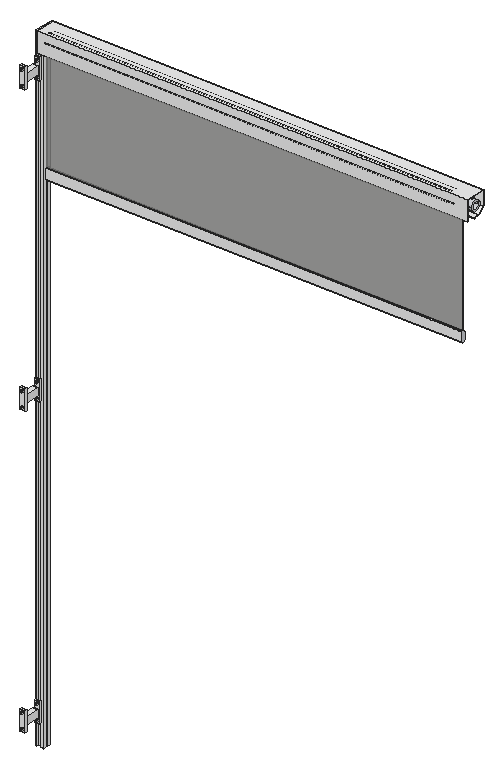
Revit family "heroal VS Z - Front Mount - Multi-Part - End Component", category Fenster, Revit 2017
Family settings
  OmniClass-Nummer = 23.30.60.11.11.17.14
  OmniClass-Titel = Powered Awnings
  Arbeitsebenenbasiert = Ja
  Immer vertikal = Nein
  Beim Laden mit Abzugskörper schneiden = Nein
  Gemeinsam genutzt = Nein
  Raumberechnungspunkt = Nein
Parameters (values of type "End Component")
  Wind Load Resistance DIN EN 13561 = "6"  # constant formula
  Width [instance] = 2007.5 mm
  URL = "http://www.heroal.com"
  Traverse Offset Top = 150 mm  # constant formula
  Traverse Offset Bottom = 150 mm  # constant formula
  Traverse Length [instance] = 100 mm
  Traverse Count per Side [instance] = if(and(Height > 4001 mm, Height < 5000 mm), 4, if(and(Height > 2000 mm, Height < 4001 mm), 3, 2))  # 3
  Traverse [instance] = heroal Aluminium
  Track [instance] = heroal Aluminium
  Textile Length [instance] = 500 mm
  Textile [instance] = heroal 3961_Linnen
  Summer heat protection [Gtot] = "0,06-0,25"  # constant formula
  Modell = "heroal VS-Z Shading Systems, Front Mount"  # constant formula
  Max Width = "max. 5 metres"  # constant formula
  Max Height = "max. 3 metres"  # constant formula
  Material = "fibreglass/PVC/polyester"  # constant formula
  Hersteller = "heroal"  # constant formula
  Light transmission level DIN EN 40010 = "3-20"  # constant formula
  Height [instance] = 3000 mm
  Enclosure [instance] = heroal Aluminium
  Edition number = 1
  Beschreibung = "heroal VS-Z Shading Systems"  # constant formula
  Default Elevation = 1219.2 mm
  Cover Type 3 = Cover : FME HC
  Cover Type 2 = Cover : FME 90°
  Cover Type 1 = Cover : FME 45°
  Cover Type [instance] = Cover : FME 45°
  Cover FME HC [instance] = Cover Type = Cover Type 3  # no
  Cover FME 90° [instance] = Cover Type = Cover Type 2  # no
  Cover FME 45° [instance] = Cover Type = Cover Type 1  # yes
  Copyright = "© heroal. Technical changes reserved."  # constant formula
  Class according to DIN EN 14501 = "2-4"  # constant formula
  Ballproof DIN EN 18032-3 = "Requirement fulfilled"  # constant formula
  Baugruppenkennzeichen = "B2020110"
  Analytische Konstruktion = "<None>"
Reference planes
  plane 1 "Back": y = 0
  plane 2: z = 0
  plane 3 "Center (Left/Right)": x = 0
  plane 4: x = -1018.75
  plane 5 "Top": z = 3000
  plane 6: z = 2905
  plane 7 "Cover Front": y = 196.428
  plane 8: x = -1013.75
  plane 9 "Axis Left": x = -1003.75
  plane 10 "Axis Right": x = 1003.75
  plane 11: z = 2953.197
  plane 12 "Cover Axis": y = 149.675
  plane 13: z = 2879.419
  plane 14 "Bottom Textile": z = 2379.419
  plane 15 "Axis Textile": y = 117.375
  plane 16 "Textile Left": x = -991.349
  plane 17 "Textile Right": x = 980.14
  plane 18 "Cover Back": y = 101.478
  plane 19: y = 100
  plane 20 "H Top Traverse": z = 2850
  plane 21: z = 150
Forms (mm)
  Extrusion 1, solid, detail levels medium+fine
    sketch origin (0, 0, 0) x (0, 1, 0) y (0, 0, 1)
      loop
        circle (149.675, 2953.197) r 17.427
      loop
        circle (149.675, 2953.197) r 22.406
    from -1003.75 to 1003.75
  Sweep 2, solid
    path origin (0, 0, 0) x (1, 0, 0) y (0, 1, 0)
      loop
        line (-981.25, 149.675) -> (970.041, 149.675)
    profile "heroal Profile_VS-Z : heroal Profile_VS-Z" origin (-5.605, 149.675, 0) x (0, 1, 0) y (0, 0, 1)
      loop
        circle (0, 2953.197) r 30.808
      loop
        line (-33.808, 2953.197) -> (-33.808, 2430.5) -> (-40.419, 2430.5) -> (-40.419, 2386.47) -> (-33.274, 2386.47) -> (-35.999, 2379.4) -> (-26.838, 2379.4) -> (-29.563, 2386.47) -> (-22.419, 2386.47) -> (-22.419, 2423.168) -> (-25.123, 2423.168)
        arc (-25.123, 2423.168) -> (-25.965, 2427.597) -> (-29.386, 2430.533) r 6.821
        line (-29.386, 2430.533) -> (-30.792, 2430.533) -> (-30.792, 2939.239)
        arc (-30.792, 2939.239) -> (33.045, 2960.337) -> (-33.808, 2953.197) r 33.808
  Sweep 3, solid, material "heroal Aluminium" <- "Track"
    path origin (0, 117.375, 0) x (0, 0, 1) y (1, 0, 0)
      loop
        line (0, -1018.75) -> (2905, -1018.75)
    profile "heroal Profile Post : heroal Profile Post" origin (-1018.75, 117.375, 1452.5) x (-1, 0, 0) y (0, -1, 0)
      loop
        line (-37.5, 17.375) -> (-37.5, 4.225) -> (-27.351, 4.225) -> (-27.351, -5.775) -> (-37.5, -5.775) -> (-37.5, -17.375) -> (0, -17.375) -> (0, 17.375) -> (-5, 17.375) -> (-5, 7.375) -> (-25, 7.375) -> (-25, 17.375) -> (-37.5, 17.375)
  Sweep 4, solid, material "heroal Aluminium" <- "Enclosure", visible <- "Cover FME 45°"
    path origin (0, 0, 3000) x (-1, 0, 0) y (0, -1, 0)
      loop
        line (1013.75, -101.478) -> (-1003.75, -101.478)
    profile "heroal Profile FME 45 : heroal Profile FME 45" origin (-5, 101.478, 3000) x (0, 1, 0) y (0, 0, 1)
      loop
        line (94.95, 0) -> (0, 0) -> (0, -95) -> (1.593, -95) -> (1.593, -1.593) -> (93.556, -1.593) -> (93.556, -66.689) -> (67.386, -92.859) -> (37.193, -92.859) -> (37.193, -95) -> (41.177, -95) -> (41.177, -101.224) -> (42.67, -101.224) -> (42.67, -95) -> (67.715, -95) -> (94.95, -67.765) -> (94.95, 0)
  Sweep 5, solid, material "heroal Aluminium" <- "Enclosure", visible <- "Cover FME 45°"
    path origin (0, 0, 3000) x (1, 0, 0) y (0, -1, 0)
      loop
        line (-1013.75, -101.478) -> (-1018.75, -101.478)
    profile "heroal Profile Cover FME 45 : heroal Profile Cover FME 45" origin (-1016.25, 101.478, 3000) x (0, -1, 0) y (0, 0, 1)
      loop
        line (-94.95, 0) -> (-94.95, -67.765) -> (-67.715, -95) -> (0, -95) -> (0, 0) -> (-94.95, 0)
  Sweep 6, solid, material "heroal Aluminium" <- "Enclosure", visible <- "Cover FME 90°"
    path origin (0, 200, 3000) x (-1, 0, 0) y (0, -1, 0)
      loop
        line (1013.75, 98.522) -> (-1003.75, 98.522)
    profile "heroal Profile FME 90 : heroal Profile FME 90" origin (-5, 101.478, 3000) x (0, 1, 0) y (0, 0, 1)
      loop
        line (94.95, 0) -> (0, 0) -> (0, -95) -> (1.593, -95) -> (1.593, -1.593) -> (93.556, -1.593) -> (93.556, -92.859) -> (37.193, -92.859) -> (37.193, -95) -> (41.177, -95) -> (41.177, -101.224) -> (42.67, -101.224) -> (42.67, -95) -> (94.95, -95) -> (94.95, 0)
  Sweep 7, solid, material "heroal Aluminium" <- "Enclosure", visible <- "Cover FME 90°"
    path origin (0, 200, 3000) x (1, 0, 0) y (0, -1, 0)
      loop
        line (-1013.75, 98.522) -> (-1018.75, 98.522)
    profile "heroal Profile Cover FME 90 : heroal Profile Cover FME 90" origin (-1016.25, 101.478, 3000) x (0, -1, 0) y (0, 0, 1)
      loop
        line (-94.95, 0) -> (-94.95, -95) -> (0, -95) -> (0, 0) -> (-94.95, 0)
  Sweep 8, solid, material "heroal Aluminium" <- "Enclosure", visible <- "Cover FME HC"
    path origin (0, 400, 3000) x (-1, 0, 0) y (0, -1, 0)
      loop
        line (1013.75, 298.522) -> (-1003.75, 298.522)
    profile "heroal Profile FME HR : heroal Profile FME HR" origin (-5, 101.478, 3000) x (0, 1, 0) y (0, 0, 1)
      loop
        line (47.475, 0) -> (0, 0) -> (0, -95) -> (1.593, -95) -> (1.593, -1.593) -> (47.475, -1.593)
        arc (47.475, -1.593) -> (93.25, -44.113) -> (54.232, -92.9) r 45.9
        line (54.232, -92.9) -> (37.193, -92.9) -> (37.193, -95) -> (41.177, -95) -> (41.177, -101.224) -> (42.67, -101.224) -> (42.67, -95) -> (47.475, -95)
        arc (47.475, -95) -> (94.975, -47.5) -> (47.475, 0) r 47.5
  Sweep 9, solid, material "heroal Aluminium" <- "Enclosure", visible <- "Cover FME HC"
    path origin (0, 400, 3000) x (1, 0, 0) y (0, -1, 0)
      loop
        line (-1013.75, 298.522) -> (-1018.75, 298.522)
    profile "heroal Profile Cover FME HR : heroal Profile Cover FME HR" origin (-1016.25, 101.478, 3000) x (0, -1, 0) y (0, 0, 1)
      loop
        arc (-47.475, 0) -> (-94.975, -47.5) -> (-47.475, -95) r 47.5
        line (-47.475, -95) -> (0, -95) -> (0, 0) -> (-47.475, 0)
Lines and regions (mm)
  model lines, style "InvisibleLines"
    curve 1: line (-991.349, 117.375, 2379.419) -> (980.14, 117.375, 2379.419)
  symbolic lines, style "WindowsHiddenLines"
    curve 2: line (1003.75, 101.478, 0) -> (-1018.75, 101.478, 0)
    curve 3: line (-1018.75, 196.428, 0) -> (-1018.75, 101.478, 0)
    curve 4: line (1003.75, 196.428, 0) -> (1003.75, 101.478, 0)
    curve 5: line (1003.75, 196.428, 0) -> (-1018.75, 196.428, 0)
  symbolic lines, style "WindowsHiddenLines", detail levels medium+fine
    curve 6: line (980.14, 123.15, 0) -> (-991.349, 123.15, 0)
    curve 7: line (980.14, 113.15, 0) -> (-991.349, 113.15, 0)
Dimensions and locks
  "Height": plane 5 "Top" to plane 2
  equal spacing: plane 9 "Axis Left", plane 3 "Center (Left/Right)", plane 10 "Axis Right"
  "Width": plane 9 "Axis Left" to plane 10 "Axis Right"
  plane 5 "Top" to plane 11 to plane 6 = 46.803 mm locked, 48.197 mm locked
  plane 6 to plane 13 = 25.581 mm
  "Textile Length": plane 13 to plane 14 "Bottom Textile"
  "Textile Length": plane 13 to curve 1
  plane 7 "Cover Front" to plane 12 "Cover Axis" to plane 15 "Axis Textile" to plane 18 "Cover Back" to plane 19 = 46.753 mm locked, 32.3 mm locked, 15.897 mm locked, 1.478 mm locked
  "Traverse Length": plane 1 "Back" to plane 19
  "Traverse Offset Top": plane 5 "Top" to plane 20 "H Top Traverse"
  "Traverse Offset Bottom": plane 21 to plane 2
  equal spacing: group 1, group 3, group 2  (x3)
  locked: plane 17 "Textile Right" to plane 10 "Axis Right" at 23.61
  locked: plane 4 to plane 8 at 5
  locked: plane 9 "Axis Left" to plane 16 "Textile Left" at 12.401
  locked: plane 8 to plane 9 "Axis Left" at 10
  aligned and locked: level to plane 2
  aligned and locked: Extrusion 1 to plane 9 "Axis Left"
  aligned and locked: plane 10 "Axis Right" to Extrusion 1
  aligned and locked: Sweep 2 sketch curve to plane 12 "Cover Axis"
  aligned and locked: plane 15 "Axis Textile" to curve 1
  aligned and locked: plane 16 "Textile Left" to curve 1
  aligned and locked: plane 17 "Textile Right" to curve 1
  aligned and locked: plane 6 to Sweep 3 sketch curve
  aligned and locked: plane 2 to Sweep 3 sketch curve
  aligned and locked: curve 2 to plane 18 "Cover Back"
  aligned and locked: curve 3 to plane 4
  aligned and locked: curve 5 to plane 7 "Cover Front"
  aligned and locked: nested 2 to plane 20 "H Top Traverse"
  aligned and locked: nested 1 to plane 21
  aligned and locked: nested 2 to plane 9 "Axis Left"
  aligned and locked: nested 1 to plane 9 "Axis Left"
  aligned and locked: curve 6 to Sweep 3
  aligned and locked: plane 16 "Textile Left" to curve 6
  aligned and locked: plane 17 "Textile Right" to curve 6
  aligned and locked: Sweep 3 to Sweep 2 sketch curve
  aligned and locked: nested 4 to plane 5 "Top"
  aligned and locked: nested 4 to plane 18 "Cover Back"
  aligned and locked: plane 18 "Cover Back" to Sweep 4 sketch curve
  aligned and locked: plane 8 to Sweep 4 sketch curve
  aligned and locked: plane 4 to Sweep 5 sketch curve
  aligned and locked: plane 8 to Sweep 5 sketch curve
  aligned and locked: Sweep 5 sketch curve to plane 18 "Cover Back"
  aligned and locked: plane 8 to Sweep 6 sketch curve
  aligned and locked: plane 18 "Cover Back" to Sweep 6 sketch curve
  aligned and locked: plane 8 to Sweep 7 sketch curve
  aligned and locked: plane 4 to Sweep 7 sketch curve
  aligned and locked: Sweep 7 sketch curve to plane 18 "Cover Back"
  aligned and locked: plane 8 to Sweep 8 sketch curve
  aligned and locked: plane 18 "Cover Back" to Sweep 8 sketch curve
  aligned and locked: plane 4 to Sweep 9 sketch curve
  aligned and locked: plane 8 to Sweep 9 sketch curve
  aligned and locked: Sweep 9 sketch curve to plane 18 "Cover Back"
  aligned and locked: plane 10 "Axis Right" to curve 4
  aligned and locked: plane 10 "Axis Right" to Sweep 8 sketch curve
  aligned and locked: plane 10 "Axis Right" to Sweep 6 sketch curve
  aligned and locked: plane 10 "Axis Right" to Sweep 4 sketch curve
Automatic sketch dimensions
  curve 7 to plane 16 "Textile Left" = 0 mm
  curve 7 to plane 17 "Textile Right" = 0 mm
  plane 15 "Axis Textile" to curve 7 = 4.225 mm
  Extrusion 1 sketch curve to Extrusion 1 sketch curve = 0 mm  (x2)
  Extrusion 1 sketch curve to plane 11 = 0 mm
  Extrusion 1 sketch curve to plane 12 "Cover Axis" = 0 mm
  Sweep 3 sketch curve to plane 4 = 0 mm
  plane 17 "Textile Right" to Sweep 2 sketch curve = 10.099 mm
  radius of Extrusion 1 sketch curve = 17.427 mm
  radius of Extrusion 1 sketch curve = 22.406 mm
Nested families
  nested 1: "heroal Traverse" at (-1003.75, 0, 150) x (-1, 0, 0) z (0, 0, 1), type "heroal Traverse"
  nested 2: "heroal Traverse" at (-1003.75, 0, 2850) x (-1, 0, 0) z (0, 0, 1), type "heroal Traverse"
  nested 3: "heroal Traverse" at (-1003.75, 0, 1500) x (-1, 0, 0) z (0, 0, 1), type "heroal Traverse"
  nested 4: "heroal 2D VS-Z Section" at (0, 101.478, 3000) x (0, 1, 0) z (1, 0, 0), FME 45° <- "Cover FME 45°", FME 90° <- "Cover FME 90°", FME HC <- "Cover FME HC", type "heroal 2D VS-Z Section"
    with FME HC no, FME 90° no, FME 45° yes
Definition of nested family "heroal Traverse"
  Parameters (values of type "heroal Traverse")
    Traverse Length = 100 mm
    Traverse = none
  Reference planes
    plane 1 "Back": y = 0
    plane 2 "Center (Elevation)": z = 0
    plane 3 "Center (Left/Right)": x = 0
    plane 4 "Right": y = -100
    plane 5: z = 35
    plane 6: z = -35
    plane 7: y = -82
    plane 8: y = -92
  Forms (mm)
    Extrusion 1, solid, material <- "Traverse"
      sketch origin (0, 5, -1740.353) x (0, -1, 0) y (0, 0, -1)
        loop
          line (87, -1757.353) -> (87, -1723.353) -> (18, -1723.353) -> (18, -1757.353) -> (87, -1757.353)
      from -12 to 12
    Extrusion 2, solid, material <- "Traverse"
      sketch origin (0, -19.798, -1740.353) x (0, -1, 0) y (0, 0, -1)
        loop
          line (72.202, -1753.387) -> (72.202, -1727.353) -> (62.202, -1727.353) -> (62.202, -1753.387) -> (72.202, -1753.387)
      from -10 to 10
    Extrusion 3, solid, material <- "Traverse"
      sketch origin (0, 0, 0) x (1, 0, 0) y (0, 0, 1)
        loop
          line (12, 47) -> (-12, 47) -> (-12, -47) -> (12, -47) -> (12, 47)
      from 5 to 13
    Extrusion 4, solid, material <- "Traverse"
      sketch origin (0, -100, 0) x (-1, 0, 0) y (0, 0, 1)
        loop
          line (-12, 47) -> (-12, -47) -> (12, -47) -> (12, 47) -> (-12, 47)
      from 0 to 8
    Revolve 5, solid, material <- "Traverse", detail levels medium+fine
      sketch origin (0, -105, 0) x (0, -1, 0) y (0, 0, 1)
        loop
          line (-18, 35) -> (-13, 35) -> (-13, 40) -> (-18, 40) -> (-18, 35)
        loop
          line (-92, 35) -> (-87, 35) -> (-87, 40) -> (-92, 40) -> (-92, 35)
        loop
          line (-105, 35) -> (-100, 35) -> (-100, 40) -> (-105, 40) -> (-105, 35)
        axis (-105, 35) -> (-13, 35)
      angle from 0 to 360
    Revolve 6, solid, material <- "Traverse", detail levels medium+fine
      sketch origin (0, -105, 0) x (0, -1, 0) y (0, 0, 1)
        loop
          line (-18, -35) -> (-18, -40) -> (-13, -40) -> (-13, -35) -> (-18, -35)
        loop
          line (-92, -35) -> (-92, -40) -> (-87, -40) -> (-87, -35) -> (-92, -35)
        loop
          line (-105, -35) -> (-105, -40) -> (-100, -40) -> (-100, -35) -> (-105, -35)
        axis (-105, -35) -> (-13, -35)
      angle from 0 to 360
    Extrusion 7, solid, material <- "Traverse"
      sketch origin (0, 0, 0) x (1, 0, 0) y (0, 1, 0)
        loop
          line (-10, -100) -> (-10, -110) -> (10, -110) -> (10, -100) -> (-10, -100)
      from -10 to 10
  Dimensions and locks
    "Traverse Length": plane 4 "Right" to plane 1 "Back"
    locked: plane 8 to plane 4 "Right" at 8
    locked: plane 7 to plane 8 at 10
    aligned and locked: level to plane 2 "Center (Elevation)"
    aligned and locked: plane 7 to Extrusion 1
    aligned and locked: Extrusion 2 to plane 8
    aligned and locked: Extrusion 2 to plane 7
  Automatic sketch dimensions
    Extrusion 1 sketch curve to plane 7 = 0 mm
    plane 1 "Back" to Extrusion 1 sketch curve = 13 mm
    level to Extrusion 1 sketch curve = 17 mm
    Extrusion 1 sketch curve to level = 17 mm
    Extrusion 2 sketch curve to plane 7 = 0 mm
    Extrusion 2 sketch curve to plane 8 = 0 mm
    level to Extrusion 2 sketch curve = 13.034 mm
    Extrusion 2 sketch curve to level = 13 mm
    Extrusion 3 sketch curve to plane 3 "Center (Left/Right)" = 12 mm
    plane 3 "Center (Left/Right)" to Extrusion 3 sketch curve = 12 mm
    plane 6 to Extrusion 3 sketch curve = 12 mm
    plane 5 to Extrusion 3 sketch curve = 12 mm
    plane 3 "Center (Left/Right)" to Extrusion 4 sketch curve = 12 mm
    Extrusion 4 sketch curve to plane 3 "Center (Left/Right)" = 12 mm
    plane 6 to Extrusion 4 sketch curve = 12 mm
    plane 5 to Extrusion 4 sketch curve = 12 mm
    Revolve 5 sketch curve to plane 1 "Back" = 0 mm
    Revolve 5 sketch curve to plane 5 = 0 mm  (x4)
    Revolve 5 sketch curve to plane 8 = 0 mm
    Revolve 5 sketch curve to Revolve 5 sketch curve = 5 mm  (x6)
    Revolve 5 sketch curve to Revolve 5 sketch curve = 8 mm
    Revolve 5 sketch curve to plane 4 "Right" = 20 mm
    Revolve 5 sketch curve to Revolve 5 sketch curve = 20 mm
    Revolve 6 sketch curve to plane 1 "Back" = 0 mm
    plane 6 to Revolve 6 sketch curve = 0 mm  (x4)
    Revolve 6 sketch curve to plane 8 = 0 mm
    Revolve 6 sketch curve to Revolve 6 sketch curve = 5 mm  (x6)
    Revolve 6 sketch curve to Revolve 6 sketch curve = 8 mm
    Revolve 6 sketch curve to plane 4 "Right" = 20 mm
    Revolve 6 sketch curve to Revolve 6 sketch curve = 20 mm
    plane 7 to Extrusion 7 sketch curve = 28 mm
    Extrusion 7 sketch curve to plane 3 "Center (Left/Right)" = 10 mm
    Extrusion 7 sketch curve to Extrusion 7 sketch curve = 20 mm
    Extrusion 7 sketch curve to Extrusion 7 sketch curve = 10 mm
Definition of nested family "heroal 2D VS-Z Section"
  Parameters (values of type "heroal VS-Z Section")
    FME HC [instance] = yes
    FME 90° [instance] = yes
    FME 45° [instance] = yes
  Reference planes
    plane 1 "Center (Front/Back)": y = 0
    plane 2: z = 0
    plane 3 "Center (Left/Right)": x = 0
  Lines and regions (mm)
    Filled region 1, type "Solid Fill - Grey", in view "Ref. Level", detail levels medium+fine
      outline origin (0, 0, 0) x (1, 0, 0) y (0, 1, 0)
        loop
          circle (48.197, -46.803) r 22.406
        loop
          circle (48.197, -46.803) r 17.427
    Masking region 1, in view "Ref. Level", visible <- "FME 45°"
      outline origin (0, 0, 0) x (1, 0, 0) y (0, 1, 0)
        loop
          line (0, 0) -> (0, -95) -> (14.389, -95) -> (17.405, -95) -> (41.177, -95) -> (41.177, -101.224) -> (42.67, -101.224) -> (42.67, -95) -> (67.715, -95) -> (94.95, -67.765) -> (94.95, 0) -> (0, 0)
    Masking region 2, in view "Ref. Level", visible <- "FME 90°"
      outline origin (0, 0, 0) x (1, 0, 0) y (0, 1, 0)
        loop
          line (0, 0) -> (0, -95) -> (14.389, -95) -> (17.405, -95) -> (41.177, -95) -> (41.177, -101.224) -> (42.67, -101.224) -> (42.67, -95) -> (94.95, -95) -> (94.95, 0) -> (0, 0)
    Masking region 3, in view "Ref. Level", visible <- "FME HC"
      outline origin (0, 0, 0) x (1, 0, 0) y (0, 1, 0)
        loop
          line (0, 0) -> (0, -95) -> (14.389, -95) -> (17.405, -95) -> (41.177, -95) -> (41.177, -101.224) -> (42.67, -101.224) -> (42.67, -95) -> (47.475, -95)
          arc (47.475, -95) -> (94.975, -47.5) -> (47.475, 0) r 47.5
          line (47.475, 0) -> (0, 0)
    detail lines, in view "Ref. Level", detail levels coarse+medium
      curve 1: circle (48.197, -46.803, 0) r 33.808 normal (0, 0, 1)
      curve 4: line (14.389, -95, 0) -> (14.389, -46.803, 0)
      curve 5: line (17.405, -95, 0) -> (17.405, -60.761, 0)
      curve 6: circle (48.197, -46.803, 0) r 30.808 normal (0, 0, 1)
    detail lines, in view "Ref. Level"
      curve 2: line (38.197, -46.803, 0) -> (58.197, -46.803, 0)
      curve 3: line (48.197, -56.803, 0) -> (48.197, -36.803, 0)
    detail lines, in view "Ref. Level", visible <- "FME 45°", detail levels medium+fine
      curve 7: line (37.193, -92.859, 0) -> (66.886, -92.859, 0)
      curve 8: line (66.886, -92.859, 0) -> (92.85, -66.895, 0)
      curve 9: line (92.85, -66.895, 0) -> (92.85, -2.1, 0)
      curve 10: line (92.85, -2.1, 0) -> (2.1, -2.1, 0)
      curve 11: line (2.1, -2.1, 0) -> (2.1, -95, 0)
    detail lines, in view "Ref. Level", visible <- "FME 90°", detail levels medium+fine
      curve 12: line (37.193, -92.859, 0) -> (92.85, -92.859, 0)
      curve 13: line (92.85, -2.141, 0) -> (92.85, -92.859, 0)
      curve 14: line (37.193, -92.859, 0) -> (37.193, -95, 0)
      curve 15: line (2.1, -2.141, 0) -> (2.1, -95, 0)
      curve 16: line (2.1, -2.141, 0) -> (92.85, -2.141, 0)
    detail lines, in view "Ref. Level", visible <- "FME HC", detail levels medium+fine
      curve 17: line (37.193, -92.859, 0) -> (49.404, -92.859, 0)
      curve 18: line (37.193, -92.859, 0) -> (37.193, -95, 0)
      curve 19: line (2.1, -2.141, 0) -> (2.1, -95, 0)
      curve 20: line (2.1, -2.141, 0) -> (49.404, -2.141, 0)
      curve 21: arc (49.404, -92.859, 0) -> (92.875, -47.5, 0) -> (49.404, -2.141, 0) r 45.4
